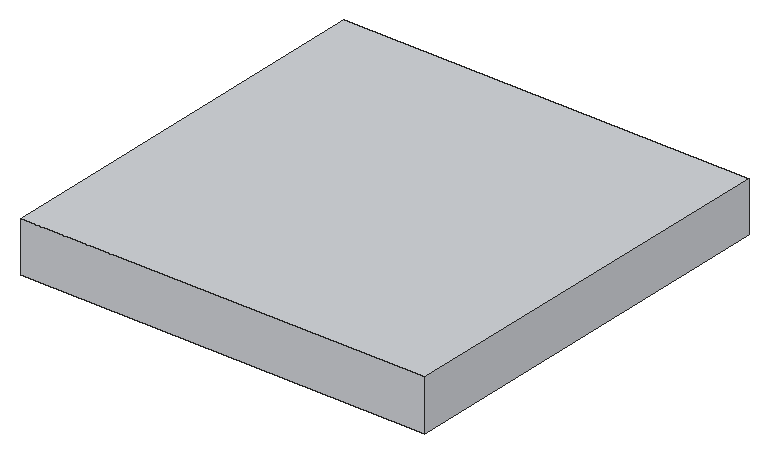
Revit family "35-7310-60-OS", category Luminarias, Revit 2017
Family settings
  Anfitrión = Cara
  Cota de conector redondo = Diámetro de uso
  Tipo de pieza = Normal
  Número OmniClass = 23.80.70.00
  Título OmniClass = Lighting
  Corte con vacíos al cargar = No
  Origen de luz = No
  Compartido = Sí
  Punto de cálculo de habitación = No
Parameters (values of type "35-7310-60-OS")
  Versión = "v1"
  Vatios (W) = 28
  Tipo de regulación = ""
  Tipo = "Proyector"
  Tender text (English) = "LEDS C4\nAtom Track 75\n35-7310-60-OS\n\nSpotlight for indoor use. \n\nWith adjustable lighting positioning. High performance effective lm/W. Lenses allow optimum control of illumination with minimal residual halo. Compact, high performance product. Adjustable light source. Structure material: Aluminium, Polycarbonate. Structure finish: Black. Diffuser material: Polycarbonate. Warranty: 5 Years.\n\nProduct net weight (Kg): 0.640\nProduct width or diameter (mm): 75\nProduct height (mm): 185\n\nClass 2. IP: IP20. LED. No. of lampholders or LEDs: 1. LED brand: CREE. Driver brand: TRIDONIC. Maximum power of light source: 24W. Colour temperature: LED warm-white 3000K. Colour rendering index: 90. MacAdam Steps: 2. Maximum diameter of luminaire bulb: 50.000h L80B20. UGR:  14.7. Photobiological risk: RG1. % de Flickering: &lt;5%. Real flux (lm): 1567. Nominal flux (lm): 2775. Lm/Real W: 56. Voltage and frequency range: 220-240/50-60Hz. Voltage: 35. Gear included: Yes, electronic. Total power: 28. Power factor: 0.90."
  Tender text (Castellano) = "LEDS C4\nAtom Track 75\n35-7310-60-OS\n\nProyector de uso interior con iluminación orientable. \n\nAlto rendimiento lm/W real. Uso de lentes para un óptimo control lumínico y minimización del halo residual. Compacto y de alto rendimiento. Fuente de luz orientable. Material estructura: Aluminio, Policarbonato. Acabado estructura: Negro. Material difusor: Policarbonato. Garantía: 5 Años.\n\nPeso neto del producto (Kg): 0.640\nAnchura o diámetro del producto (mm): 75\nAltura del producto (mm): 185\n\nClase 2. IP: IP20. LED. Nº de portalámparas o Leds: 1. Marca del LED: CREE. Marca del Driver: TRIDONIC. Potencia máxima de la fuente de luz: 24W. Temperatura de color: Blanco cálido - 3000K. Índice de reproducción cromática: 90. Steps Mac Adam: 2. Diámetro máximo de la bombilla que admite la luminaria: 50.000h L80B20. UGR:  14.7. Riesgo fotobiológico: RG1. % de Flickering: &lt;5%. Flujo real (lm): 1567. Flujo nominal (lm): 2775. Lm/W reales: 56. Rango de voltaje/frecuencia: 220-240/50-60Hz. Voltaje: 35. Equipo incluido: Si, electrónico. Potencia total: 28. Factor de potencia: 0.90."
  Temperatura color led (K) = "Blanco cálido - 3000K"
  Referencia = "35-7310-60-OS"
  Rayo de luz = "ULTRA FLOOD"
  Producto descatalogado = "Catalogado ES"
  Pluma comercial = "http://files.leds-c4.com/pl/35-7310-60-OS.html"
  Peso neto (KG) = 0.64
  Material = "Aluminio, Policarbonato, Policarbonato"
  Lumenes reales (lm) = 1567
  LDT = "http://files.leds-c4.com/ldt/35-7310-60-OS.html"
  Imagen web = "http://files.leds-c4.com/main-photo/35-7310-60-OS"
  IfcExportType = "NOTDEFINED"
  IfcExportAs = "IfcLightFixture\r\nIfcLightFixture"
  IP = "IP20"
  IMC = "http://files.leds-c4.com/imc/35-7310-60-OS.html"
  IK = ""
  Fuente de luz = "1xLED 24 2775.00 lm"
  Fotometría = "http://files.leds-c4.com/fm/35-7310-60-OS.html"
  Ficha = "http://files.leds-c4.com/ft/es/35-7310-60-OS.html"
  FechaVersion = "Julio 2020"
  Familia = "Atom Track 75"
  Fabricante = "LEDS C4"
  Etiqueta V/f = "220-240V/50-60Hz"
  Elevación por defecto = 1000 mm
  Eficiencia energética = "LED A++"
  EAN13 = "8435526868605"
  DescripcionUniformat2010 = "Lighting"
  DescripcionUniclass2015 = "Lighting"
  DescripcionOmniclass = "Lighting"
  DescripcionGubimclass = "Iluminación interior"
  CodigoUniformat2010 = "D5040"
  CodigoUniclass2015 = "EF_70_80"
  CodigoOmniclass = "21-04 50 40"
  CodigoGubimclass = "50.60.50.20"
  Catálogo = "Technical"
  Carga aparente = 0 VA
  CRI = 90
  Acabado = "Negro"
Types (2, lengths in mm): name | Lumenes reales (lm) | CRI
  (no name) | 0 | 0
  35-7310-60-OS | 1567 | 90
Values of the unnamed type that differ from the named types
  Vatios (W) = 0
  Tipo = ""
  Tender text (English) = ""
  Tender text (Castellano) = ""
  Temperatura color led (K) = ""
  Referencia = ""
  Rayo de luz = ""
  Producto descatalogado = ""
  Pluma comercial = ""
  Peso neto (KG) = 0
  Material = ""
  LDT = ""
  Imagen web = ""
  IP = ""
  IMC = ""
  Fuente de luz = ""
  Fotometría = ""
  Ficha = ""
  Familia = ""
  Etiqueta V/f = ""
  Eficiencia energética = ""
  EAN13 = ""
  Catálogo = ""
  Acabado = ""
Reference planes
  plane 1 "Centro (Frontal/Posterior)": y = 0
  plane 2: z = 0
  plane 3 "Centro (Izquierda/Derecha)": x = 0
  plane 4 "Elevación de origen de luz": z = 0
  plane 5 "Eje de origen de luz (F/P)": y = 0
  plane 6 "Eje de origen de luz (I/D)": x = 0
Forms (mm)
  Extrusion 1, solid
    sketch origin (0, 0, 0) x (1, 0, 0) y (0, 1, 0)
      loop
        line (-1219.2, 1219.2) -> (-1219.2, -1219.2) -> (1219.2, -1219.2) -> (1219.2, 1219.2) -> (-1219.2, 1219.2)
    from 0 to -304.8
Dimensions and locks
  aligned and locked: plane 2 to Extrusion 1
  aligned and locked: level to Extrusion 1
Nested families
  nested 1: "Luz anidada" at (2.533, -4.789, 167.835), type "Tipo1"
Connectors
  electrical at (0, 0, 0)
    settings: on Extrusion 1, index 1, voltage 0 V, apparent load 0 VA, apparent load phase1 0 VA, apparent load phase2 0 VA, apparent load phase3 0 VA, power factor 1, load classification "Otro", number of poles 1, system type 31, power factor state 1, is connector primary yes, connector utility no, sub classification motor no, connector description ""
Definition of nested family "Luz anidada"
  Parameters (values of type "Tipo1")
    Tilt Angle = 90.00°
    Wattage = 28 W
    Tipo de regulación = ""
    Tipo = ""
    Tender text = ""
    built-in parameter 1150110 = 1 (stored number, unit not read)
    Pluma comercial = ""
    Material = ""
    Imagen = ""
    IP = ""
    IMC = ""
    IK = ""
    Fotometría = ""
    Ficha = ""
    Familia = ""
    Estado en catálogo = ""
    Peso neto = ""
    Lamp = ""
    built-in parameter 1114217 = 1 (stored number, unit not read)
    built-in parameter 1150109 = 1 (stored number, unit not read)
    Etiqueta vf = ""
    Eficiencia energética = ""
    EAN13 = ""
    built-in parameter 1150134 = (empty or 0)
    built-in parameter 1150113 = 1 (stored number, unit not read)
    Lumens = 2391 lm
    built-in parameter 1150115 = 1 (stored number, unit not read)
    built-in parameter 1150105 = 109.82 (stored number, unit not read)
    built-in parameter 1150137 = (empty or 0)
    built-in parameter 1150139 = (empty or 0)
    built-in parameter 1150112 = 1 (stored number, unit not read)
    built-in parameter 1150114 = 1 (stored number, unit not read)
    built-in parameter 1150132 = (empty or 0)
    built-in parameter 1150102 = (empty or 0)
    built-in parameter 1150138 = (empty or 0)
    built-in parameter 1150107 = 3000 (stored number, unit not read)
    built-in parameter 1150106 = 1.0982 (stored number, unit not read)
    built-in parameter 1150104 = 5.1993 (stored number, unit not read)
    Catálogo = ""
    Dimming Lamp Color Temperature Shift = (empty or 0)
    Color Filter = 16777215
    built-in parameter 1114218 = 1 (stored number, unit not read)
    CRI = 0
    Photometric Web File = "35-7310-60-OS.ies"
    Acabado = ""
    built-in parameter 1150133 = 10 (stored number, unit not read)
  Reference planes
    plane 1 "Eje de origen de luz (F/P)": y = 0
    plane 2: z = 0
    plane 3 "Eje de origen de luz (I/D)": x = 0
    plane 4 "Elevación de origen de luz": z = 0
  Dimensions and locks
    aligned and locked: plane 3 "Eje de origen de luz (I/D)" to imposter light
    aligned and locked: plane 1 "Eje de origen de luz (F/P)" to imposter light
    aligned and locked: plane 4 "Elevación de origen de luz" to imposter light
    aligned and locked: level to plane 2
